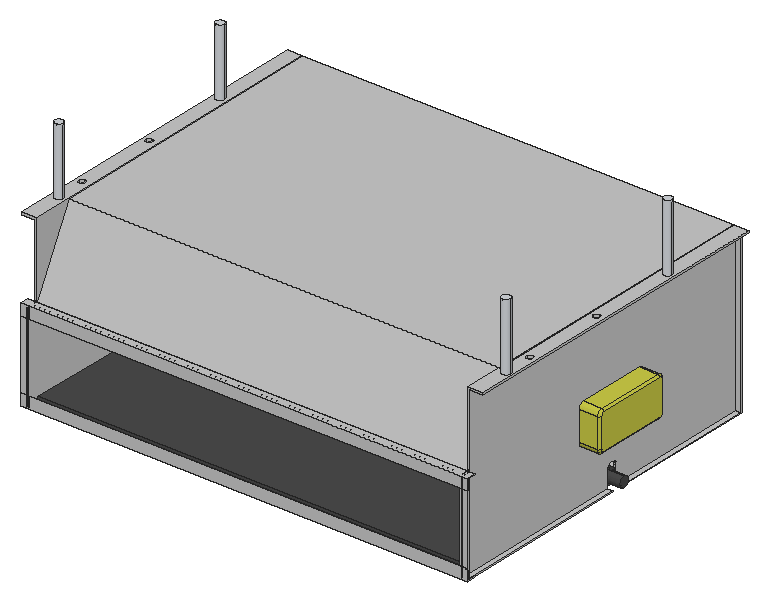
Revit family "Hitachi_RPIW-M-2-Pipes_LOD400", category Mechanical Equipment, Revit 2018
Family settings
  Round Connector Dimension = Use Diameter
  Part Type = Normal
  Work Plane-Based = No
  Always vertical = Yes
  Cut with Voids When Loaded = No
  Shared = No
  Room Calculation Point = Yes
Parameters (values of type "RPIW 132-M")
  hook = 12.7 mm
  data = "CRSLeCRSLECM_R0"  # constant formula
  Width [instance] = 689 mm
  Water Flow [instance] = 0.0 L/s
  Waste Water = 15 mm  # constant formula
  Voltage = 230 V  # constant formula
  URL = ""
  Speed Selection [instance] = if(Speed MIN, 1, if(Speed MED, 2, if(Speed MAX, 3, 1)))  # 2
  Speed MIN [instance] = no
  Speed MED [instance] = yes
  Speed MAX [instance] = no
  Sound Pressure Lp(dB(A)) [instance] = 33
  Sound Power Lw(dB(A)) [instance] = 42
  Show Service Space [instance] = no
  Service Space = 500 mm  # constant formula
  Manufacturer = "Hitachi Air Conditioning Europe SAS"  # constant formula
  Product Line = "RPIW-M"  # constant formula
  Primary DP [instance] = 17420.1 Pa
  Plenum Code [instance] = 9069191
  Pipe Diam. = 1" / 2  # 1/2"
  Phase = 1
  Model = "RPIW-M"
  Height [instance] = 248 mm  # constant formula
  Heating/Cooling [instance] = no
  Heating Total Emission [instance] = 1960.49 W
  Heating [instance] = if([2 Pipe], [Heating/Cooling], [2 Pipe])  # no
  Engine Absorption [instance] = 45 W
  E [instance] = Width - 44 mm  # 645 mm
  Distance Host [instance] = 100 mm
  Description = "Fan Coil Unit - RPIW-M"  # constant formula
  Depth [instance] = 511 mm
  Cooling Total Emission [instance] = 1877.78 W
  Cooling Sensible Emission [instance] = 1348.12 W
  Cooling [instance] = if([2 Pipe], not([Heating/Cooling]), [4 Pipes])  # yes
  Available Pressure [instance] = 50.0 Pa
  Air Flow [instance] = 80.5556 L/s
  4 Pipes [instance] = not([2 Pipe])  # no
  2 Pipe [instance] = yes
Types (14, lengths in mm): name | Width | Sound Pressure Lp(dB(A)) | Sound Power Lw(dB(A)) | Primary DP | Plenum Code | Heating Total Emission | Engine Absorption | E | Cooling Total Emission | Cooling Sensible Emission | Air Flow
  RPIW 742-M | 1549 | 44 | 53 | 16121.2 Pa | 9069196 | 8522.66 W | 177 W | 1505 | 7920.92 W | 5796.07 W | 352.778 L/s
  RPIW 642-M | 1549 | 41 | 50 | 13629.9 Pa | 9069196 | 7626.23 W | 125 W | 1505 | 7251.85 W | 5257.82 W | 311.111 L/s
  RPIW 542-M | 1334 | 39 | 48 | 14172.9 Pa | 9069195 | 5568.58 W | 110 W | 1290 | 5437.3 W | 3890.37 W | 225.0 L/s
  RPIW 342-M | 1119 | 39 | 48 | 31704.2 Pa | 9066369 | 4985.29 W | 96 W | 1075 | 4993.87 W | 3548.72 W | 200.0 L/s
  RPIW 242-M | 904 | 38 | 47 | 27870.7 Pa | 9069222 | 4018.99 W | 87 W | 860 | 4010.71 W | 2835.26 W | 159.722 L/s
  RPIW 142-M | 689 | 33 | 42 | 9679.73 Pa | 9069191 | 2069.93 W | 45 W | 645 | 2070.72 W | 1462.8 W | 80.5556 L/s
  RPIW 632-M | 1549 | 41 | 50 | 16406.3 Pa | 9069196 | 6964.68 W | 125 W | 1505 | 6624.79 W | 4939.82 W | 311.111 L/s
  RPIW 532-M | 1334 | 39 | 48 | 26272.7 Pa | 9069195 | 5355.94 W | 110 W | 1290 | 5044.55 W | 3639.7 W | 225.0 L/s
  RPIW 332-M | 1119 | 39 | 48 | 15662.1 Pa | 9066369 | 4819.9 W | 96 W | 1075 | 4423.62 W | 3298.12 W | 200.0 L/s
  RPIW 732-M | 1549 | 44 | 53 | 18845.8 Pa | 9069196 | 7730.82 W | 177 W | 1505 | 7113.16 W | 5368.1 W | 352.778 L/s
  RPIW 442-M | 1119 | 43 | 52 | 19379.1 Pa | 9066369 | 5564.62 W | 122 W | 1075 | 4965.24 W | 3767.11 W | 236.111 L/s
  RPIW 432-M | 1119 | 43 | 52 | 19379.1 Pa | 9066369 | 5564.62 W | 122 W | 1075 | 4965.24 W | 3767.11 W | 236.111 L/s
  RPIW 232-M | 904 | 38 | 47 | 17653.0 Pa | 9069222 | 3702.94 W | 87 W | 860 | 3396.93 W | 2526.15 W | 159.722 L/s
  RPIW 132-M | 689 | 33 | 42 | 17420.1 Pa | 9069191 | 1960.49 W | 45 W | 645 | 1877.78 W | 1348.12 W | 80.5556 L/s
Reference planes
  plane 1 "Centro (Fronte/Retro)": y = 0
  plane 2: z = 0
  plane 3 "Centro (Sinistra/Destra)": x = 0
  plane 4 "Sx": x = -344.5
  plane 5 "Dx": x = 344.5
  plane 6 "Back": y = 255.5
  plane 7 "Front": y = -255.5
  plane 8 "Sx attach": x = -349.5
  plane 9 "Dx Eolectical": x = 364.5
  plane 10 "Top": z = -100
  plane 11 "Down": z = -348
  plane 12 "Sx Service Space": x = -844.5
  plane 13 "Dx Service Space": x = 844.5
  plane 14 "Middle Machine": z = -224
  plane 15 "H": z = -335
  plane 16 "P": z = -311
  plane 17 "M": z = -269
  plane 18 "O": y = -193.5
  plane 19 "S": y = -208.5
  plane 20 "O1": z = -137
  plane 21 "R": z = -208
  plane 22: y = 23.5
  plane 23 "N": y = -11.5
  plane 24 "P1": y = -66.5
  plane 25 "T": z = -212
  plane 26 "Down Service Space": z = -848
  plane 27 "Back Service Space": y = 755.5
  plane 28 "Front Service Space": y = -755.5
  plane 29 "Base Attach": x = -324.5
Forms (mm)
  Extrusion 1, solid, material "Outlet"
    sketch origin (0, 0, 0) x (0, 1, 0) y (0, 0, 1)
      loop
        circle (-193.5, -137) r 6.35
    from -349.5 to -324.5
  Extrusion 2, solid
    sketch origin (0, 0, 0) x (0, 1, 0) y (0, 0, 1)
      loop
        circle (23.5, -335) r 7.5
    from -349.5 to -344.5
  Extrusion 3, solid, material "Inlet"
    sketch origin (0, 0, 0) x (0, 1, 0) y (0, 0, 1)
      loop
        circle (-11.5, -269) r 6.35
    from -349.5 to -324.5
  Extrusion 4, solid, not visible
    sketch origin (0, 0, 0) x (1, 0, 0) y (0, 0, 1)
      loop
        line (-322.5, -212) -> (-322.5, -331) -> (322.5, -331) -> (322.5, -212) -> (-322.5, -212)
    from -23.5 to 255.5
  Extrusion 5, solid, not visible
    sketch origin (0, 0, 0) x (1, 0, 0) y (0, 0, 1)
      loop
        line (-344.5, -100) -> (-344.5, -348) -> (344.5, -348) -> (344.5, -100) -> (-344.5, -100)
    from -255.5 to 0
  Extrusion 6, solid
    sketch origin (0, 0, 0) x (1, 0, 0) y (0, 1, 0)
      loop
        circle (334.5, 117.5) r 6.35
      loop
        circle (334.5, -184.5) r 6.35
      loop
        circle (-334.5, 117.5) r 6.35
      loop
        circle (-334.5, -184.5) r 6.35
    from -100 to 0
Dimensions and locks
  "Distance Host": level to plane 10 "Top"
  "Height": plane 10 "Top" to plane 11 "Down"
  equal spacing: plane 4 "Sx", plane 3 "Centro (Sinistra/Destra)", plane 5 "Dx"
  equal spacing: plane 6 "Back", plane 1 "Centro (Fronte/Retro)", plane 7 "Front"
  "Width": plane 4 "Sx" to plane 5 "Dx"
  "Depth": plane 7 "Front" to plane 6 "Back"
  locked: plane 8 "Sx attach" to plane 4 "Sx" at 5
  locked: plane 5 "Dx" to plane 9 "Dx Eolectical" at 20
  "Service Space": plane 12 "Sx Service Space" to plane 4 "Sx"
  "Service Space": plane 5 "Dx" to plane 13 "Dx Service Space"
  equal spacing: plane 10 "Top", plane 14 "Middle Machine", plane 11 "Down"
  locked: plane 10 "Top" to plane 15 "H" at 235
  locked: plane 10 "Top" to plane 16 "P" at 211
  locked: plane 10 "Top" to plane 17 "M" at 169
  locked: plane 6 "Back" to plane 19 "S" at 464
  locked: plane 6 "Back" to plane 18 "O" at 449
  locked: plane 10 "Top" to plane 21 "R" at 108
  locked: plane 10 "Top" to plane 20 "O1" at 37
  locked: plane 6 "Back" to plane 22 at 232
  locked: plane 6 "Back" to plane 23 "N" at 267
  locked: plane 6 "Back" to plane 24 "P1" at 322
  "Service Space": plane 11 "Down" to plane 26 "Down Service Space"
  nested 1 to plane 5 "Dx" = 344.5 mm
  "Service Space": plane 28 "Front Service Space" to plane 7 "Front"
  "Service Space": plane 27 "Back Service Space" to plane 6 "Back"
  equal spacing: Extrusion 4 sketch curve, plane 3 "Centro (Sinistra/Destra)", Extrusion 4 sketch curve
  "E": Extrusion 4 sketch curve to Extrusion 4 sketch curve
  locked: Extrusion 4 sketch curve to Extrusion 4 sketch curve at 119
  locked: Extrusion 4 sketch curve to plane 11 "Down" at 17
  locked: plane 29 "Base Attach" to plane 4 "Sx" at 20
  locked: plane 25 "T" to plane 10 "Top" at 112
  "Pipe Diam.": diameter of Extrusion 1 sketch curve
  "Waste Water": diameter of Extrusion 2 sketch curve
  "Pipe Diam.": diameter of Extrusion 3 sketch curve
  "hook": diameter of Extrusion 6 sketch curve  (x4)
  aligned and locked: level to plane 2
  aligned and locked: plane 18 "O" to Extrusion 1 sketch curve
  aligned and locked: Extrusion 1 sketch curve to plane 20 "O1"
  aligned and locked: plane 22 to Extrusion 2 sketch curve
  aligned and locked: plane 15 "H" to Extrusion 2 sketch curve
  aligned and locked: plane 23 "N" to Extrusion 3 sketch curve
  aligned and locked: plane 17 "M" to Extrusion 3 sketch curve
  aligned and locked: Extrusion 1 to plane 8 "Sx attach"
  aligned and locked: Extrusion 3 to plane 8 "Sx attach"
  aligned and locked: plane 8 "Sx attach" to Extrusion 2
  aligned and locked: Extrusion 2 to plane 4 "Sx"
  aligned and locked: plane 12 "Sx Service Space" to nested 1
  aligned and locked: nested 1 to plane 13 "Dx Service Space"
  aligned and locked: plane 28 "Front Service Space" to nested 1
  aligned and locked: plane 27 "Back Service Space" to nested 1
  aligned and locked: nested 1 to plane 26 "Down Service Space"
  aligned and locked: plane 2 to nested 1
  aligned and locked: nested 2 to plane 10 "Top"
  aligned and locked: plane 6 "Back" to nested 2
  aligned and locked: nested 1 to nested 2
  aligned and locked: plane 5 "Dx" to nested 3
  aligned and locked: nested 1 to nested 3
  aligned and locked: plane 14 "Middle Machine" to nested 3
  aligned and locked: Extrusion 3 to Extrusion 1
  aligned and locked: Extrusion 4 to plane 22
  aligned and locked: Extrusion 4 to plane 7 "Front"
  aligned and locked: Extrusion 5 sketch curve to plane 10 "Top"
  aligned and locked: Extrusion 5 sketch curve to plane 11 "Down"
  aligned and locked: plane 5 "Dx" to Extrusion 5 sketch curve
  aligned and locked: Extrusion 5 sketch curve to plane 4 "Sx"
  aligned and locked: plane 1 "Centro (Fronte/Retro)" to Extrusion 5
  aligned and locked: plane 6 "Back" to Extrusion 5
  aligned and locked: Extrusion 2 to Extrusion 3
  aligned and locked: plane 29 "Base Attach" to Extrusion 1
  aligned and locked: nested 2 to Extrusion 6 sketch curve  (x8)
  aligned and locked: Extrusion 6 to plane 10 "Top"
  aligned and locked: level to Extrusion 6
Nested families
  nested 1: "ServiceSpace_O" at (0, 0, 0), visible <- "Show Service Space", type "ServiceSpace_O"
    with lenght 1689 mm, height 848 mm, depht 1511 mm
  nested 2: "Interior" at (0, 255.5, -280) x (1, 0, 0) z (0, -1, 0), D interior <- "Width", G interior <- "Height", type "Geometry"
    with U Or T interior 112 mm, Height - H int 511 mm, H1 232 mm, H 235 mm, G interior 248 mm, F interior 669 mm, E interior 645 mm, D interior 689 mm
  nested 3: "Presa" at (359.5, 0, -224), type "Presa"
    with raggio 8 mm, Spessore 30 mm, Larghezza 120 mm, Altezza 60 mm
Connectors
  electrical at (374.5, 0, -224), driven by "Phase", driven by "Voltage", driven by "Engine Absorption"
    settings: on nested 3, index 1, voltage 230 V, apparent load 45 VA, apparent load phase1 0 VA, apparent load phase2 0 VA, apparent load phase3 0 VA, power factor 1, load classification "Riscaldamento, ventilazione e aria condizionata (HVAC)", number of poles 1, system type 30, power factor state 1, is connector primary yes, connector utility no, sub classification motor no, connector description ""
  hvac at (0, -255.5, -271.5), driven by "E", driven by "Air Flow"
    settings: on Extrusion 4, index 2, duct flow 80.5556 L/s, flow factor 0, pres drop 0.0 Pa, loss coef 0, conn angle 0.00°, conn width 645 mm, conn height 119 mm, conn diameter 609.6 mm, duct sys type 1, conn prof type 1, flow config 1, flow direction 2, loss method 0, conn ref index -1, conn util no, is conn primary yes, conn desc "Supply Air Flow"
  hvac at (0, 255.5, -224), driven by "Width", driven by "Height"
    settings: on Extrusion 5, index 3, duct flow 0.0 L/s, flow factor 0, pres drop 0.0 Pa, loss coef 0, conn angle 0.00°, conn width 689 mm, conn height 248 mm, conn diameter 609.6 mm, duct sys type 4, conn prof type 1, flow config 2, flow direction 1, loss method 0, conn ref index -1, conn util no, is conn primary no, conn desc "Fresh Air Supply"
  piping at (-349.5, -193.5, -137), diameter 12.7, driven by "Pipe Diam.", driven by "Primary DP", driven by "Water Flow"
    settings: on Extrusion 1, index 5, connector inside diameter 24", connector length 0 mm, flow factor 0, pipe flow 0.0 L/s, pressure drop 17420.1 Pa, fitting loss kfactor 0, connector angle 0.00°, fixture units 0, engagement length 0 mm, angle of deflection 0.00°, flow configuration 1, flow direction 2, fitting loss method 4, system type 8, joint type 0, gender type 0, connector reference index 6, connector utility 0, adjustable connector no, is connector primary no, connector description "Hydronic Return"
  piping at (-349.5, -11.5, -269), diameter 12.7, driven by "Pipe Diam.", driven by "Water Flow"
    settings: on Extrusion 3, index 6, connector inside diameter 24", connector length 0 mm, flow factor 0, pipe flow 0.0 L/s, pressure drop 0.0 Pa, fitting loss kfactor 0, connector angle 0.00°, fixture units 0, engagement length 0 mm, angle of deflection 0.00°, flow configuration 1, flow direction 1, fitting loss method 0, system type 7, joint type 0, gender type 0, connector reference index 5, connector utility 0, adjustable connector no, is connector primary yes, connector description "Hydronic Supply"
  piping at (-349.5, 23.5, -335), diameter 15, driven by "Waste Water"
    settings: on Extrusion 2, index 8, connector inside diameter 24", connector length 0 mm, flow factor 0, pipe flow 0.0 L/s, pressure drop 0.0 Pa, fitting loss kfactor 0, connector angle 0.00°, fixture units 0, engagement length 0 mm, angle of deflection 0.00°, flow configuration 3, flow direction 2, fitting loss method 0, system type 16, joint type 0, gender type 0, connector reference index -1, connector utility 0, adjustable connector no, is connector primary no, connector description "Condensate Drain"
Definition of nested family "ServiceSpace_O"
  Parameters (values of type "ServiceSpace_O")
    lenght [instance] = 2000 mm
    height [instance] = 500 mm
    depht [instance] = 2000 mm
    ServiceSpace = none
  Reference planes
    plane 1 "Centro (Fronte/Retro)": y = 0
    plane 2: z = 0
    plane 3 "Centro (Sinistra/Destra)": x = 0
    plane 4: x = -1000
    plane 5: x = 1000
    plane 6: y = 1000
    plane 7: y = -1000
    plane 8: z = -500
  Forms (mm)
    Extrusion 1, solid, material <- "ServiceSpace"
      sketch origin (0, 0, 0) x (1, 0, 0) y (0, 1, 0)
        loop
          line (-1000, 1000) -> (-1000, -1000) -> (1000, -1000) -> (1000, 1000) -> (-1000, 1000)
      from -500 to 0
  Dimensions and locks
    equal spacing: plane 6, plane 1 "Centro (Fronte/Retro)", plane 7
    "depht": plane 6 to plane 7
    equal spacing: plane 4, plane 3 "Centro (Sinistra/Destra)", plane 5
    "lenght": plane 4 to plane 5
    "height": plane 2 to plane 8
    aligned and locked: level to plane 2
    aligned and locked: Extrusion 1 to plane 4
    aligned and locked: plane 6 to Extrusion 1
    aligned and locked: Extrusion 1 to plane 5
    aligned and locked: plane 7 to Extrusion 1
    aligned and locked: plane 2 to Extrusion 1
    aligned and locked: plane 8 to Extrusion 1
    aligned and locked: level to Extrusion 1
  Automatic sketch dimensions
    plane 4 to Extrusion 1 sketch curve = 0 mm
    plane 5 to Extrusion 1 sketch curve = 0 mm
    plane 1 "Centro (Fronte/Retro)" to Extrusion 1 sketch curve = 1000 mm
    Extrusion 1 sketch curve to plane 6 = 0 mm
Definition of nested family "Interior"
  Parameters (values of type "Geometry")
    spessore = 3 mm
    taglio dietro H = 15 mm  # constant formula
    material plastic = none
    r = 5 mm
    material metal = none
    U Or T interior [instance] = 55 mm
    Height - H int [instance] = 511 mm
    H1 [instance] = 230 mm
    H [instance] = 205 mm
    F interior [instance] = D interior - ((D interior - E interior) / 2) + 2 mm  # 669 mm
    E interior [instance] = D interior - 44 mm  # 645 mm
    G interior [instance] = 218 mm
    D interior [instance] = 689 mm
  Reference planes
    plane 1 "Centro (Fronte/Retro)": y = 0
    plane 2: z = 0
    plane 3 "Centro (Sinistra/Destra)": x = 0
    plane 4 "Edx": x = 322.5
    plane 5 "Esx": x = -322.5
    plane 6: y = -81.5
    plane 7: y = 136.5
    plane 8 "Ddx": x = 344.5
    plane 9 "Dsx": x = -344.5
    plane 10 "top": z = 511
    plane 11 "retro-bocca mandata": y = 81.5
    plane 12 "top-abbassamento": z = 496
    plane 13: z = 506.371
    plane 14: z = 440
    plane 15: z = 396
    plane 16: z = 271
    plane 17: z = 138
    plane 18 "Fsx": x = -334.5
    plane 19 "Fdx": x = 334.5
    plane 20 "pianoscarico": z = 220
    plane 21: z = 10
    plane 22: y = -74.5
    plane 23: z = 230
    plane 24: y = -68.5
  Forms (mm)
    Extrusion 1, solid, material <- "material metal", detail levels fine
      sketch origin (0, 0, 0) x (1, 0, 0) y (0, 1, 0)
        loop
          line (344.5, 136.5) -> (322.5, 136.5) -> (322.5, -81.5) -> (325.5, -81.5) -> (325.5, 133.5) -> (344.5, 133.5) -> (344.5, 136.5)
        loop
          line (-344.5, 136.5) -> (-344.5, 133.5) -> (-325.5, 133.5) -> (-325.5, -81.5) -> (-322.5, -81.5) -> (-322.5, 136.5) -> (-344.5, 136.5)
      from 0 to 511
    Extrusion 2, void
      sketch origin (0, 0, 0) x (0, 1, 0) y (0, 0, 1)
        loop
          line (81.5, 511) -> (81.5, 496) -> (136.5, 496) -> (136.5, 511) -> (81.5, 511)
      from -344.5 to 344.5
    Extrusion 3, void
      sketch origin (0, 0, 0) x (1, 0, 0) y (0, 0, 1)
        loop
          circle (-334.5, 440) r 5
        loop
          circle (-334.5, 396) r 5
        loop
          circle (-334.5, 271) r 5
        loop
          circle (-334.5, 138) r 5
        loop
          circle (334.5, 440) r 5
        loop
          circle (334.5, 396) r 5
        loop
          circle (334.5, 271) r 5
        loop
          circle (334.5, 138) r 5
      from -136.5 to 81.5
    Sweep 4, solid, material <- "material metal", detail levels fine
      path origin (12.953, -69.154, 511) x (-1, 0, 0) y (0, -1, 0)
        loop
          line (347.453, 12.346) -> (-321.547, 12.346)
      profile origin (0, -81.5, 511) x (0, 1, 0) y (0, 0, 1)
        loop
          line (16, 0) -> (16, 1) -> (-1, 1) -> (-1, -13) -> (0, -13) -> (0, 0) -> (16, 0)
    Sweep 5, solid, material <- "material metal", detail levels fine
      path origin (12.953, -37.302, 511) x (-1, 0, 0) y (0, 1, 0)
        loop
          line (347.453, 118.802) -> (-321.547, 118.802)
      profile origin (0, 81.5, 511) x (0, 1, 0) y (0, 0, 1)
        loop
          line (-16, 0) -> (0, 0) -> (0, -13) -> (1, -13) -> (1, 1) -> (-16, 1) -> (-16, 0)
    Sweep 6, solid, material <- "material metal", detail levels fine
      path origin (0, 0, 0) x (0, 1, 0) y (0, 0, 1)
        loop
          line (136.5, 0) -> (136.5, 466.756) -> (81.5, 496) -> (81.5, 506.371)
      profile origin (0, 136.5, 233.378) x (0, -1, 0) y (1, 0, 0)
        loop
          line (0, -322.5) -> (1, -322.5) -> (1, 322.5) -> (0, 322.5) -> (0, -322.5)
    Sweep 7, solid, material <- "material metal", detail levels fine
      path in 3D
        loop
          line (325.5, 133.5, 0) -> (325.5, -81.5, 0) -> (325.5, -81.5, 511) -> (325.5, 81.5, 511)
      profile origin (325.5, 0, 511) x (-1, 0, 0) y (0, 0, 1)
        loop
          line (0, 0) -> (-9, 0) -> (-9, -1) -> (0, -1) -> (0, 0)
    Sweep 8, solid, material <- "material metal", detail levels fine
      path in 3D
        loop
          line (-325.5, 81.5, 511) -> (-325.5, -81.5, 511) -> (-325.5, -81.5, 0) -> (-325.5, 133.5, 0)
      profile origin (-325.5, 0, 511) x (1, 0, 0) y (0, 0, 1)
        loop
          line (0, 0) -> (-9, 0) -> (-9, -1) -> (0, -1) -> (0, 0)
    Sweep 9, solid, material <- "material metal", detail levels fine
      path origin (0, 0, 0) x (0, 1, 0) y (0, 0, 1)
        loop
          line (-66.5, 10) -> (-81.5, 10) -> (-81.5, 220) -> (-66.5, 220)
      profile origin (0, -81.5, 115) x (0, -1, 0) y (1, 0, 0)
        loop
          line (0, -322.5) -> (0, 322.5) -> (-1, 322.5) -> (-1, -322.5) -> (0, -322.5)
    Extrusion 10, solid, material <- "material plastic", detail levels fine
      sketch origin (0, 0, 0) x (0, 1, 0) y (0, 0, 1)
        loop
          circle (-68.5, 230) r 7.5
      from -344.5 to 344.5
    Sweep 11, solid, material <- "material plastic", detail levels fine
      path origin (0, 0, 0) x (0, 1, 0) y (0, 0, 1)
        loop
          line (-71.836, 496) -> (-76.334, 230.133)
          arc (-76.334, 230.133) -> (-68.633, 222.166) -> (-60.666, 229.867) r 7.835
      profile origin (0, -74.085, 363.066) x (0, 0.999857, -0.016916) y (1, 0, 0)
        loop
          line (-3.277, -322.5) -> (0, -322.5) -> (0, 322.5) -> (-3.277, 322.5) -> (-3.277, -322.5)
    Extrusion 12, void
      sketch origin (0, 0, 0) x (0, 1, 0) y (0, 0, 1)
        loop
          line (-81.5, 238.376) -> (-81.5, 221.624) -> (-55.5, 221.624)
          arc (-55.5, 221.624) -> (-47.124, 230) -> (-55.5, 238.376) r 8.376
          line (-55.5, 238.376) -> (-81.5, 238.376)
      from -344.5 to 344.5
    Extrusion 13, solid, detail levels coarse+medium
      sketch origin (0, 0, 0) x (1, 0, 0) y (0, 1, 0)
        loop
          line (-344.5, 136.5) -> (-344.5, -81.5) -> (344.5, -81.5) -> (344.5, 136.5) -> (-344.5, 136.5)
      from 0 to 511
  Cuts and joins
    Extrusion 2, Extrusion 3, Extrusion 12 cuts Extrusion 1
    joined: Extrusion 10, Sweep 11
    Extrusion 12 cuts Sweep 7
    Extrusion 12 cuts Sweep 8
  Lines and regions (mm)
    sketch lines
      curve 1: line (325.5, -81.5, 511) -> (325.5, 81.5, 511)
      curve 2: line (325.5, -81.5, 511) -> (325.5, -81.5, 0)
      curve 3: line (325.5, 133.5, 0) -> (325.5, -81.5, 0)
      curve 4: line (-325.5, 81.5, 511) -> (-325.5, -81.5, 511)
      curve 5: line (-325.5, -81.5, 511) -> (-325.5, -81.5, 0)
      curve 6: line (-325.5, -81.5, 0) -> (-325.5, 133.5, 0)
  Dimensions and locks
    equal spacing: plane 18 "Fsx", plane 3 "Centro (Sinistra/Destra)", plane 19 "Fdx"
    "F interior": plane 18 "Fsx" to plane 19 "Fdx"
    "spessore": Extrusion 1 sketch curve to plane 7  (x2)
    "spessore": plane 4 "Edx" to Extrusion 1 sketch curve
    "spessore": Extrusion 1 sketch curve to plane 5 "Esx"
    "Height - H int": plane 10 "top" to level
    "taglio dietro H": plane 10 "top" to plane 12 "top-abbassamento"
    locked: plane 10 "top" to plane 13 at 4.629
    plane 10 "top" to plane 14 to plane 15 to plane 16 to plane 17 = 71 mm locked, 44 mm locked, 125 mm locked, 133 mm locked
    "D interior": plane 9 "Dsx" to plane 8 "Ddx"
    equal spacing: plane 9 "Dsx", plane 3 "Centro (Sinistra/Destra)", plane 8 "Ddx"
    equal spacing: plane 5 "Esx", plane 3 "Centro (Sinistra/Destra)", plane 4 "Edx"
    "E interior": plane 5 "Esx" to plane 4 "Edx"
    locked: Sweep 6 sketch curve to plane 7 at 1
    locked: profile plane to Sweep 7 sketch curve at 1
    locked: profile plane to Sweep 8 sketch curve at 1
    locked: plane 20 "pianoscarico" to level at 220
    plane 21 to level = 10 mm
    locked: plane 6 to Sweep 9 sketch curve at 15  (x2)
    locked: Sweep 9 sketch curve to plane 6 at 1
    locked: plane 6 to plane 22 at 7
    "H1": plane 23 to level
    "H": plane 24 to plane 7
    equal spacing: Extrusion 12 sketch curve, plane 23, Extrusion 12 sketch curve
    locked: Extrusion 12 sketch curve to Extrusion 12 sketch curve at 16.751
    equal spacing: Extrusion 12 sketch curve, plane 24, Extrusion 12 sketch curve
    equal spacing: plane 11 "retro-bocca mandata", plane 1 "Centro (Fronte/Retro)", plane 6
    "U Or T interior": plane 11 "retro-bocca mandata" to plane 7
    "G interior": plane 7 to plane 6
    locked: Sweep 11 sketch curve to Sweep 11 sketch curve at 3.277
    "r": radius of Extrusion 3 sketch curve  (x8)
    diameter of Extrusion 10 sketch curve = 15 mm
    locked: Sweep 6 sketch curve to plane 11 "retro-bocca mandata" (angle 118.00°)
    aligned and locked: level to plane 2
    aligned and locked: Extrusion 1 sketch curve to plane 7
    aligned and locked: Extrusion 1 sketch curve to plane 4 "Edx"
    aligned and locked: Extrusion 1 sketch curve to plane 5 "Esx"
    aligned and locked: plane 7 to Extrusion 1 sketch curve
    aligned and locked: Extrusion 1 sketch curve to plane 8 "Ddx"
    aligned and locked: Extrusion 1 sketch curve to plane 9 "Dsx"
    aligned and locked: plane 10 "top" to Extrusion 1
    aligned and locked: Extrusion 1 to level
    aligned and locked: Extrusion 2 sketch curve to plane 10 "top"
    aligned and locked: plane 11 "retro-bocca mandata" to Extrusion 2 sketch curve
    aligned and locked: plane 12 "top-abbassamento" to Extrusion 2 sketch curve
    aligned and locked: plane 7 to Extrusion 2 sketch curve
    aligned and locked: Extrusion 2 to plane 9 "Dsx"
    aligned and locked: plane 8 "Ddx" to Extrusion 2
    aligned and locked: plane 18 "Fsx" to Extrusion 3 sketch curve  (x4)
    aligned and locked: plane 14 to Extrusion 3 sketch curve
    aligned and locked: plane 15 to Extrusion 3 sketch curve
    aligned and locked: plane 16 to Extrusion 3 sketch curve
    aligned and locked: plane 17 to Extrusion 3 sketch curve
    aligned and locked: Extrusion 3 to plane 6
    aligned and locked: Extrusion 3 to plane 7
    aligned and locked: Sweep 5 sketch curve to plane 11 "retro-bocca mandata"
    aligned and locked: Sweep 6 sketch curve to plane 7
    aligned and locked: plane 11 "retro-bocca mandata" to Sweep 6 sketch curve
    aligned and locked: plane 13 to Sweep 6 sketch curve
    aligned and locked: level to Sweep 6 sketch curve
    aligned and locked: Sweep 6 sketch curve to profile plane
    aligned and locked: plane 5 "Esx" to Sweep 6 sketch curve
    aligned and locked: Sweep 6 sketch curve to plane 4 "Edx"
    aligned and locked: plane 19 "Fdx" to Sweep 5 sketch curve
    aligned and locked: plane 18 "Fsx" to Sweep 5 sketch curve
    aligned and locked: plane 18 "Fsx" to Sweep 4 sketch curve
    aligned and locked: plane 19 "Fdx" to Sweep 4 sketch curve
    aligned and locked: Sweep 4 sketch curve to plane 6
    aligned and locked: plane 6 to Extrusion 1 sketch curve
    aligned and locked: Extrusion 1 sketch curve to plane 6
    aligned and locked: profile plane to Sweep 7 sketch curve
    aligned and locked: Sweep 7 sketch curve to plane 19 "Fdx"
    aligned and locked: Sweep 7 sketch curve to profile plane
    aligned and locked: profile plane to Sweep 8 sketch curve
    aligned and locked: Sweep 8 sketch curve to profile plane
    aligned and locked: Sweep 8 sketch curve to plane 18 "Fsx"
    aligned and locked: Sweep 9 sketch curve to plane 20 "pianoscarico"
    aligned and locked: plane 6 to Sweep 9 sketch curve
    aligned and locked: plane 21 to Sweep 9 sketch curve
    aligned and locked: cut or joined group of Extrusion 1, Extrusion 2, Extrusion 3, Extrusion 12 to Sweep 9 sketch curve
    aligned and locked: Sweep 9 sketch curve to cut or joined group of Extrusion 1, Extrusion 2, Extrusion 3, Extrusion 12
    aligned and locked: plane 4 "Edx" to Sweep 9 sketch curve
    aligned and locked: Extrusion 10 to plane 9 "Dsx"
    aligned and locked: plane 8 "Ddx" to Extrusion 10
    aligned and locked: plane 12 "top-abbassamento" to Sweep 11 sketch curve
    aligned and locked: plane 5 "Esx" to Sweep 11 sketch curve
    aligned and locked: Sweep 11 sketch curve to plane 4 "Edx"
    aligned and locked: Extrusion 10 sketch curve to plane 23
    aligned and locked: plane 24 to Extrusion 10 sketch curve
    aligned and locked: Extrusion 12 to plane 9 "Dsx"
    aligned and locked: plane 8 "Ddx" to Extrusion 12
    aligned and locked: Extrusion 12 sketch curve to plane 6
    aligned and locked: plane 24 to Sweep 11 sketch curve
    aligned and locked: Sweep 11 sketch curve to plane 23
    aligned and locked: profile plane to Sweep 11 sketch curve
    aligned and locked: plane 7 to Extrusion 13 sketch curve
    aligned and locked: Extrusion 13 sketch curve to plane 8 "Ddx"
    aligned and locked: plane 6 to Extrusion 13 sketch curve
    aligned and locked: plane 9 "Dsx" to Extrusion 13 sketch curve
    aligned and locked: plane 10 "top" to Extrusion 13
    aligned and locked: Extrusion 13 to level
  Automatic sketch dimensions
    Sweep 6 sketch curve to plane 12 "top-abbassamento" = 0 mm
    Sweep 4 sketch curve to plane 10 "top" = 0 mm
    Sweep 4 sketch curve to profile plane = 0 mm
    profile plane to Sweep 4 sketch curve = 1 mm
    plane 10 "top" to Sweep 4 sketch curve = 1 mm
    Sweep 4 sketch curve to profile plane = 16 mm
    Sweep 4 sketch curve to plane 10 "top" = 13 mm
    Sweep 5 sketch curve to plane 10 "top" = 0 mm
    Sweep 5 sketch curve to profile plane = 0 mm
    plane 10 "top" to Sweep 5 sketch curve = 1 mm
    profile plane to Sweep 5 sketch curve = 16 mm
    Sweep 5 sketch curve to profile plane = 1 mm
    Sweep 5 sketch curve to plane 10 "top" = 13 mm
    plane 23 to Sweep 11 sketch curve = 0.133 mm
    Sweep 11 sketch curve to plane 22 = 1.834 mm
    Sweep 11 sketch curve to plane 23 = 0.133 mm
    Extrusion 3 sketch curve to plane 15 = 0 mm
    Extrusion 3 sketch curve to plane 19 "Fdx" = 0 mm  (x4)
    Extrusion 3 sketch curve to plane 16 = 0 mm
    Extrusion 3 sketch curve to plane 17 = 0 mm
    Extrusion 3 sketch curve to plane 14 = 0 mm
Definition of nested family "Presa"
  Parameters (values of type "Presa")
    raggio [instance] = 8 mm
    mat = none
    Spessore [instance] = 30 mm
    Larghezza [instance] = 120 mm
    Altezza [instance] = 60 mm
  Reference planes
    plane 1 "Centro (Fronte/Retro)": y = 0
    plane 2: z = 0
    plane 3 "Centro (Sinistra/Destra)": x = 0
    plane 4 "Appoggio": x = -15
    plane 5 "Davanti": x = 15
    plane 6 "back": y = 60
    plane 7 "Front": y = -60
    plane 8 "Top": z = 30
    plane 9 "Down": z = -30
  Forms (mm)
    Extrusion 1, solid, material <- "mat"
      sketch origin (-14.5, 0, 0) x (0, -1, 0) y (0, 0, -1)
        loop
          arc (-52, 30) -> (-57.657, 27.657) -> (-60, 22) r 8
          line (-60, 22) -> (-60, -22)
          arc (-60, -22) -> (-57.657, -27.657) -> (-52, -30) r 8
          line (-52, -30) -> (52, -30)
          arc (52, -30) -> (57.657, -27.657) -> (60, -22) r 8
          line (60, -22) -> (60, 22)
          arc (60, 22) -> (57.657, 27.657) -> (52, 30) r 8
          line (52, 30) -> (-52, 30)
      from -0.5 to 29.5
    Sweep 2, void
      path in 3D
        loop
          arc (15, -52, 30) -> (15, -57.657, 27.657) -> (15, -60, 22) r 8
          line (15, -60, 22) -> (15, -60, -22)
          arc (15, -60, -22) -> (15, -57.657, -27.657) -> (15, -52, -30) r 8
          line (15, -52, -30) -> (15, 52, -30)
          arc (15, 52, -30) -> (15, 57.657, -27.657) -> (15, 60, -22) r 8
          line (15, 60, -22) -> (15, 60, 22)
          arc (15, 60, 22) -> (15, 57.657, 27.657) -> (15, 52, 30) r 8
          line (15, 52, 30) -> (15, -52, 30)
      profile origin (15, 0, 30) x (1, 0, 0) y (0, 0, 1)
        loop
          line (-7.685, 5.602) -> (3.772, -7.578) -> (4.429, 4.967) -> (-7.685, 5.602)
  Cuts and joins
    Sweep 2 cuts Extrusion 1
  Lines and regions (mm)
    sketch lines
      curve 1: line (15, 52, 30) -> (15, -52, 30)
      curve 2: arc (15, 52, 30) -> (15, 57.657, 27.657) -> (15, 60, 22) r 8
      curve 3: arc (15, 60, -22) -> (15, 57.657, -27.657) -> (15, 52, -30) r 8
      curve 4: line (15, 60, -22) -> (15, 60, 22)
      curve 5: line (15, -52, -30) -> (15, 52, -30)
      curve 6: arc (15, -52, -30) -> (15, -57.657, -27.657) -> (15, -60, -22) r 8
      curve 7: line (15, -60, 22) -> (15, -60, -22)
      curve 8: arc (15, -60, 22) -> (15, -57.657, 27.657) -> (15, -52, 30) r 8
  Dimensions and locks
    equal spacing: plane 4 "Appoggio", plane 3 "Centro (Sinistra/Destra)", plane 5 "Davanti"
    "Spessore": plane 4 "Appoggio" to plane 5 "Davanti"
    equal spacing: plane 7 "Front", plane 1 "Centro (Fronte/Retro)", plane 6 "back"
    "Larghezza": plane 7 "Front" to plane 6 "back"
    equal spacing: plane 8 "Top", level, plane 9 "Down"
    "Altezza": plane 8 "Top" to plane 9 "Down"
    "raggio": radius of Extrusion 1 sketch curve  (x4)
    aligned and locked: level to plane 2
    aligned and locked: plane 7 "Front" to Extrusion 1 sketch curve
    aligned and locked: plane 6 "back" to Extrusion 1 sketch curve
    aligned and locked: Extrusion 1 sketch curve to plane 9 "Down"
    aligned and locked: Extrusion 1 sketch curve to plane 8 "Top"
    aligned and locked: Extrusion 1 to plane 4 "Appoggio"
    aligned and locked: Extrusion 1 to plane 5 "Davanti"
  Automatic sketch dimensions
    Sweep 2 sketch curve to profile plane = 3.772 mm
    Sweep 2 sketch curve to profile plane = 7.578 mm
    Sweep 2 sketch curve to profile plane = 4.429 mm
    profile plane to Sweep 2 sketch curve = 4.967 mm
    profile plane to Sweep 2 sketch curve = 5.602 mm
